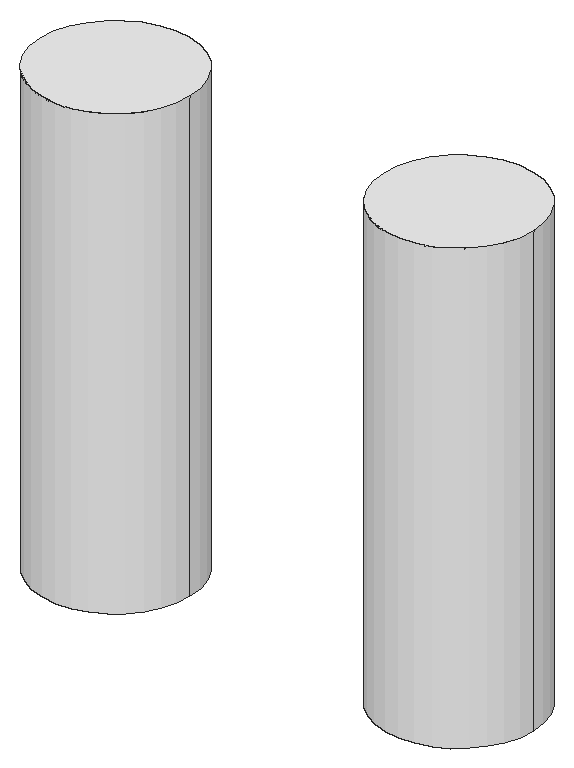
Revit family "92631129(2023)", category Plumbing Fixtures, Revit 2020
Family settings
  Round Connector Dimension = Use Diameter
  Part Type = Normal
  OmniClass Number = 23.45.55.00
  OmniClass Title = Sanitary Faucets, Wastes
  Work Plane-Based = No
  Always vertical = Yes
  Cut with Voids When Loaded = No
  Shared = No
  Room Calculation Point = No
Parameters (values of type "92631129 Washbasin faucet, 230/9 V, Bluetooth")
  Working Pressure = "100 - 1000 kPa"
  WarrantyStartDate [instance] = "n/a"
  WarrantyGuarantorParts = "n/a"
  WarrantyGuarantorLabor = "n/a"
  WarrantyDurationUnit = "Year"
  WarrantyDurationParts = "n/a"
  WarrantyDurationLabor = "n/a"
  WarrantyDescription = "http://warranty.hansa.com"
  Warranty Information URL = "http://warranty.hansa.com"
  VersionDate = "01/06/2023"
  Version = "1"
  ValvePattern = "n/a"
  ValveOperation = "n/a"
  ValveMechanism = "n/a"
  Uniclass2015Reference = "Pr_40_20_87_96"
  Uniclass2015Description = "Washbasin manual water supply sets"
  Uniclass2 = "Pr_40_30_96_96"
  URL WEEE = "http://static.hansa.com/WEEE/92631129"
  URL UWL = "http://static.hansa.com/UWL/92631129"
  URL REACH = "http://static.hansa.com/doc/reach"
  URL Materials Declaration = "http://www.hansa.com/fileadmin/resources/183275_92631129_materialsdeclaration.pdf"
  URL EcoLabel Declaration = "http://static.hansa.com/doc/EcoLabel"
  URL EU Packaging Declaration = "http://static.hansa.com/doc/packaging"
  URL Declaration of SCIP = "http://static.hansa.com/doc/SCIP"
  URL Declaration of Conformity = "http://static.hansa.com/DoC/92631129"
  URL Declaration of Asbestos = "http://static.hansa.com/doc/asbestos"
  URL Declaration Of Performance (DOP) = "http://static.hansa.com/doc/DoP"
  URL = ""
  UNSPSC Class Number = "30181700 Faucets or taps"
  Type Comments = ""
  TestPressure = "n/a"
  Temperature Adjustments = "Adjustable hot water stop (included, retrofittable)"
  Technical DataSheet URL = "http://www.hansa.com/datasheet/92631129/en"
  TagNumber [instance] = "n/a"
  SustainabilityPerformance = "n/a"
  Surface treatment = "Chrome"
  Spout Type = "Fixed spout"
  Spout Projection = "123 mm"
  Size = "70x170x135 mm"
  Shape = "Sculptured"
  SerialNumber [instance] = "n/a"
  Sales Package dimensions (LxWxH) = "568 x 182 x 78"
  Revision = "n/a"
  ReplacementCost = "n/a"
  Protection Class = "IP 55 / transformer IP 20"
  ProductInformation = "n/a"
  Product URL = "http://static.hansa.com/92631129"
  Product Image URL = "http://static.hansa.com/image/92631129"
  Product Family = "HANSAELECTRA Safety"
  Product Code = "92631129"
  OperatingMechanismMaterial = "n/a"
  Operating Voltage = 9 V
  Operating Distance = "20-130 mm (110/130/160 mm)"
  NominalWidth = 68.942 mm
  NominalHeight = 135.012 mm
  NominalDepth = 167.912 mm
  Noise Class = "I (ISO 3822) "
  Name_en = "92631129 Washbasin faucet, 230/9 V, Bluetooth"
  Name = "92631129 Washbasin faucet, 230/9 V, Bluetooth"
  NBSReference = "45-35-70/371"
  NBSDescription = "Water supply fittings for wash basins and troughs"
  Mounting Holes = "1 hole"
  ModelReference = "92631129"
  ModelNumber = "n/a"
  Model = "92631129 Washbasin faucet, 230/9 V, Bluetooth"
  Mobile Product Information URL = "http://mpi.hansa.com/92631129"
  Mechanical Parts = "Mixing valve for manual temperature control;Non-return valve(s);Litter filter(s)"
  Max. Hot Water Supply = 70 °C
  Max Flow Period = "2 min (1 - 1800 s)"
  Material = "Brass"
  Market = "International;Germany;Austria;Switzerland;Belgium;Netherlands;Italy"
  ManufacturerURL = "http://www.hansa.com"
  ManufacturerName = "HANSA"
  Manufacturer = "HANSA"
  Long Marketing = "Electra 92 series give you a clean classic design with beautiful round body flowing into round spout design with a clear design line framing the faucet design.\nA Classic design for any installation.\n\nKey Features\nAerator with Tilt function +/- 10° for more flexible installation\nNewest Sensor technology for better detection and operation comfort\nBluetooth technology for easy adjustment to personalize settings \nAntiscalding protection\nTemperature measurement\nPower Plug"
  Lever Handle = "Temperature control handle"
  Keynote = ""
  InstallationDate [instance] = "n/a"
  Installation Type = "Deck mounted"
  InletConnectionSize = 10 mm
  IfcExportType = "FAUCET"  # constant formula
  IfcExportAs = "IfcValveType"  # constant formula
  Group = "Washbasin faucet"
  Grade = "n/a"
  FlowCoefficient = 0
  Flow Rate At 300kPa With Flow Controller = 0.08 L/s
  Flow Drawing URL = "http://static.hansa.com/flowchart/92631129"
  Finish = "Polished"
  Features = "Touchless;Plug transformer;Low pressure;Bluetooth®"
  FaucetMainMaterial = Brass
  FDV Document URL = "http://www.hansa.com/datasheet/92631129/en/fdv"
  ExpectedLife = "n/a"
  Electronic Parts = ";Power supply;Light indicated function(s)"
  Electrical Connection = "230 / 9 V"
  ETIM Class Number = "EC010340 Electronic tap"
  EN Standard = "EN 15091"
  EMC Directive = "2014/53/EU , 2011/65/EU"
  EAN Number = "4057304019401"
  DurationUnit = "Year"
  Dimension Drawing URL = "http://static.hansa.com/dimdrw/92631129"
  Description = ""
  DefaultElevation [instance] = 900 mm
  Default Elevation = 0 mm
  Constituents = "n/a"
  Connection Size = "G3/8"
  Connection = "Flexible inlet pipes"
  Color = "Chrome"
  CodePerformance = "n/a"
  CloseOffRating = 0
  Catalog Drawing URL = "http://static.hansa.com/catdrw/92631129"
  Brand = "HANSA"
  BodyMaterial = "Brass"
  Bluetooth = "5.x (D060576)"
  Barcode [instance] = "n/a"
  Backflow Prevention EN1717 = "AA"
  BIMObjectName = "92631129(2023)"
  Automatic Flush Period = "30 s (1-1800 s)"
  Automatic Flush Frequency = "off (off/1-120 h)"
  Author = "BIMStone"
  AssetType = "Fixed"
  AssetIdentifier [instance] = "n/a"
  Afterflow Period = "3 s (1-20 s)"
  Aerator = "Laminar stream"
  Advanced Features = "3S-installation system for safe and simple mounting"
  AccessibilityPerformance = "n/a"
  2D/3D/BIM Files URL = "http://static.hansa.com/bim/92631129"
Reference planes
  plane 1 "Center (Front/Back)": y = 0
  plane 2: z = 0
  plane 3 "Center (Left/Right)": x = 0
  plane 4: x = -27.96
  plane 5: z = 900
  plane 6: z = 870
  plane 7: y = -167.912
  plane 8: x = 27.96
  plane 9: z = 1035.012
  plane 10: x = 40.982
Forms (mm)
  Extrusion 1, solid, material "Brass" <- "FaucetMainMaterial"
    sketch origin (0, -2.393, 0) x (1, 0, 0) y (0, 1, 0)
      loop
        circle (-11.5, -22.5) r 5
      loop
        circle (11.5, -22.5) r 5
    from 870 to 900
Dimensions and locks
  "DefaultElevation": plane 5 to level
  locked: plane 5 to plane 6 at 30
  "NominalDepth": plane 7 to plane 1 "Center (Front/Back)"
  equal spacing: plane 4, plane 3 "Center (Left/Right)", plane 8
  "NominalHeight": plane 9 to plane 5
  locked: plane 8 to plane 10 at 13.022
  "NominalWidth": plane 4 to plane 10
  "InletConnectionSize": diameter of Extrusion 1 sketch curve  (x2)
  aligned and locked: level to plane 2
  aligned and locked: plane 5 to Extrusion 1
  aligned and locked: Extrusion 1 to plane 6
  aligned and locked: plane 1 "Center (Front/Back)" to nested 2
  aligned and locked: plane 3 "Center (Left/Right)" to nested 2
  aligned and locked: plane 3 "Center (Left/Right)" to nested 1
  aligned and locked: plane 1 "Center (Front/Back)" to nested 1
  aligned and locked: plane 5 to nested 2
Automatic sketch dimensions
  Extrusion 1 sketch curve to plane 3 "Center (Left/Right)" = 11.5 mm
  plane 3 "Center (Left/Right)" to Extrusion 1 sketch curve = 11.5 mm
  plane 1 "Center (Front/Back)" to Extrusion 1 sketch curve = 24.893 mm
  Extrusion 1 sketch curve to Extrusion 1 sketch curve = 0 mm
Nested families
  nested 1: "Symbol" at (0, 0, 0), type "Symbol", detail levels coarse
  nested 2: "92631129(2023)_Body" at (0, 0, 900), Material <- "FaucetMainMaterial", type "92631129(2023)_Body"
    with Material Brass
Connectors
  piping at (-11.5, -24.893, 870), diameter 10, driven by "InletConnectionSize"
    settings: on Extrusion 1, index 1, connector inside diameter 609.6 mm, connector length 0 mm, flow factor 0, pipe flow 0.2 L/s, pressure drop 0.0 Pa, fitting loss kfactor 0, connector angle 0.00°, fixture units 0, engagement length 0 mm, angle of deflection 0.00°, flow configuration 1, flow direction 1, fitting loss method 0, system type 19, joint type 0, gender type 0, connector reference index -1, connector utility 0, adjustable connector no, is connector primary yes, connector description ""
  piping at (11.5, -24.893, 870), diameter 10, driven by "InletConnectionSize"
    settings: on Extrusion 1, index 2, connector inside diameter 609.6 mm, connector length 0 mm, flow factor 0, pipe flow 0.2 L/s, pressure drop 0.0 Pa, fitting loss kfactor 0, connector angle 0.00°, fixture units 0, engagement length 0 mm, angle of deflection 0.00°, flow configuration 1, flow direction 1, fitting loss method 0, system type 20, joint type 0, gender type 0, connector reference index -1, connector utility 0, adjustable connector no, is connector primary no, connector description ""
Definition of nested family "Symbol"
  Reference planes
    plane 1: y = 0
    plane 2: x = 0
  Lines and regions (mm)
    detail lines
      curve 1: line (0, 0, 0) -> (0, -1.8, 0)
      curve 2: line (-0.4, -1.1, 0) -> (0.4, -1.1, 0)
      curve 3: line (-0.4, -1.4, 0) -> (0.4, -1.4, 0)
      curve 4: line (0.863, 0, 0) -> (-0.863, 0, 0)
      curve 5: circle (-1.163, 0, 0) r 0.3 normal (0, 0, -1)
      curve 6: circle (1.163, 0, 0) r 0.3 normal (0, 0, 1)
